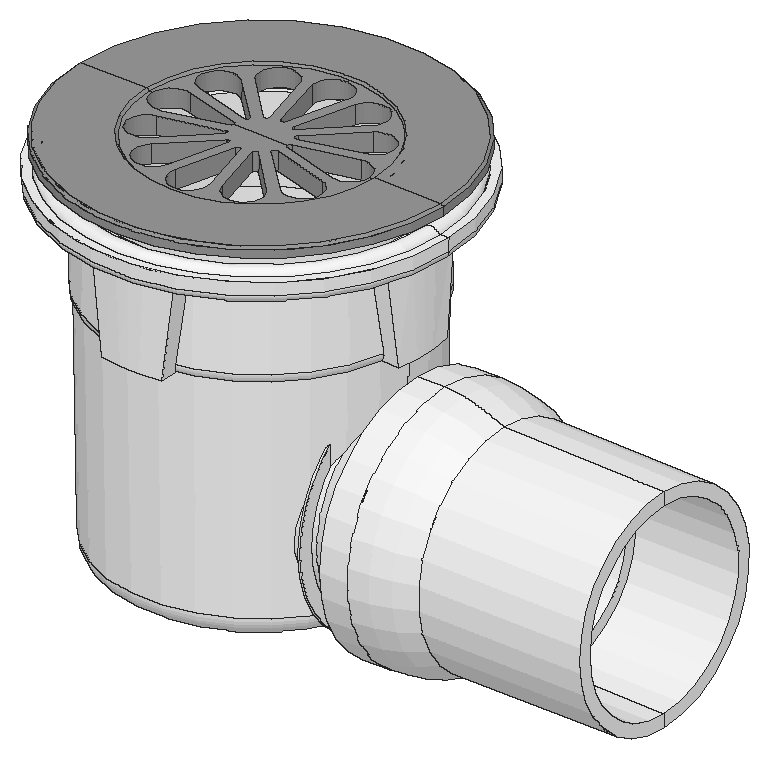
Revit family "0522.03 LRP FC HF SE50", category Plumbing Fixtures, Revit 2016
Family settings
  Part Type = Normal
  Round Connector Dimension = Use Diameter
  OmniClass Number = 23.31.27.00
  OmniClass Title = Floor Drains
  Work Plane-Based = No
  Always vertical = Yes
  Cut with Voids When Loaded = No
  Shared = No
  Room Calculation Point = No
Parameters (values of type "0522.03")
  Waste Connection = yes
  Vent Connection = no
  URL = "www.aquaknight.co.nz"
  Phone = "+6498322214"  # constant formula
  Model = "LRP FC HF SE50 – 0522.03"
  Manufacturer = "Aquanight Industries Ltd"  # constant formula
  HW Connection = no
  Email = "info@aquaknight.co.nz"  # constant formula
  Description = "DWV50 Wastetrap with chrome flat lid"
  CW Connection = no
Reference planes
  plane 1 "Center (Front/Back)": y = 0
  plane 2: z = 0
  plane 3 "Center (Left/Right)": x = 0
  plane 4: x = -12.666
  plane 5: x = -8.658
  plane 6: z = -77.913
  plane 7: x = 106.179
Forms (mm)
  Revolve 1, solid, material "Plastic, Glossy White"
    sketch origin (0, 0, 0) x (1, 0, 0) y (0, 0, 1)
      loop
        line (0, -103.328) -> (-25.107, -102.671)
        spline (-25.107, -102.671) -> (-26.971, -102.636) -> (-28.847, -102.617) -> (-30.702, -102.593) -> (-32.502, -102.544) -> (-34.215, -102.45) -> (-35.809, -102.292) -> (-37.251, -102.048) -> (-38.507, -101.699) -> (-39.546, -101.226) -> (-40.334, -100.608) -> (-40.838, -99.824) -> (-41.025, -98.856)
        line (-41.025, -98.856) -> (-42.255, -28.405) -> (-40.35, -28.405) -> (-39.919, -2.405) -> (-41.45, -2.405) -> (-41.45, 6.595) -> (-52.279, 6.595) -> (-52.279, 4.395) -> (-50.75, 3.513) -> (-46.125, 3.095)
        arc (-46.125, 3.095) -> (-44.504, 2.292) -> (-43.85, 0.606) r 2.5
        line (-43.85, 0.606) -> (-43.85, -3.399) -> (-49.924, -3.399)
        arc (-49.924, -3.399) -> (-51.565, 1.366) -> (-53.206, -3.399) r 2.665
        line (-53.206, -3.399) -> (-54.441, -3.399) -> (-54.5, 0) -> (-57, 0) -> (-56.936, -3.693)
        arc (-56.936, -3.693) -> (-56.187, -5.433) -> (-54.434, -6.149) r 2.5
        line (-54.434, -6.149) -> (-45.017, -6.149)
        spline (-45.017, -6.149) -> (-45.069, -8.251) -> (-45.119, -10.355) -> (-45.168, -12.461) -> (-45.216, -14.57) -> (-45.262, -16.68) -> (-45.306, -18.793) -> (-45.349, -20.908) -> (-45.391, -23.025) -> (-45.431, -25.143) -> (-45.469, -27.264) -> (-45.506, -29.386) -> (-45.542, -31.51)
        arc (-45.542, -31.51) -> (-45.324, -32.787) -> (-44.659, -33.899) r 3.52
        line (-44.659, -33.899) -> (-43.525, -98.899)
        spline (-43.525, -98.899) -> (-43.221, -100.675) -> (-42.455, -102.227) -> (-41.296, -103.484) -> (-39.817, -104.374) -> (-38.101, -104.811) -> (-36.258, -104.883) -> (-34.41, -104.928) -> (-32.563, -104.976) -> (-30.715, -105.025) -> (-28.868, -105.073) -> (-27.02, -105.121) -> (-25.173, -105.17)
        line (-25.173, -105.17) -> (0, -105.829) -> (0, -103.328)
      axis (0, 6.595) -> (0, -105.829)
    angle from 0 to 360
  Revolve 2, solid, material "Steel, Chrome Plated"
    sketch origin (0, 0, 0) x (1, 0, 0) y (0, 0, 1)
      loop
        line (-34, 7.988) -> (-34.6, 8.588) -> (-54.5, 8.588) -> (-55.25, 7.838) -> (-55.25, 5.588) -> (-46.4, 5.588) -> (-36.005, 6.681)
        arc (-36.005, 6.681) -> (-35.231, 6.43) -> (-34.9, 5.687) r 1
        line (-34.9, 5.687) -> (-34.9, 2.713) -> (-5.25, 2.713) -> (-5.25, 5.488) -> (0, 5.488) -> (0, 7.988) -> (-34, 7.988)
      axis (0, 8.588) -> (0, 2.713)
    angle from 0 to 360
  Revolve 3, solid, material "Plastic, Glossy White"
    sketch origin (0, 0, 0) x (1, 0, 0) y (0, 0, 1)
      loop
        line (37.644, -106.815) -> (37.717, -111.072)
        arc (37.717, -111.072) -> (38, -111.35) -> (38.283, -111.072) r 0.283
        line (38.283, -111.072) -> (38.357, -106.833) -> (39.882, -106.873)
        arc (39.882, -106.873) -> (43.546, -108.592) -> (47.393, -109.85) r 33
        line (47.393, -109.85) -> (47.393, -114.913) -> (55.689, -114.913)
        arc (55.689, -114.913) -> (64.884, -113.756) -> (73.502, -110.351) r 37
        line (73.502, -110.351) -> (122.175, -109.926) -> (122.175, -106.184) -> (91.179, -105.79) -> (91.179, -102.636) -> (86.179, -102.453) -> (86.179, -100.989) -> (79.294, -100.989)
        arc (79.294, -100.989) -> (76.835, -103.26) -> (74.159, -105.27) r 33
        line (74.159, -105.27) -> (0, -103.328) -> (0, -105.829) -> (37.644, -106.815)
      axis (122.175, -77.913) -> (0, -77.913)
    angle from 0 to 360
  SweptBlend 4, solid, material "Plastic, Glossy White", detail levels fine
    path origin (0, 0, 0) x (1, 0, 0) y (0, 0, 1)
      loop
        line (0, -6.149) -> (0, -33.899)
    profile origin (0, 0, -6.149) x (0, -1, 0) y (1, 0, 0)
      loop
        arc (48.308, -12.6) -> (49.924, 0) -> (48.308, 12.6) r 49.924
        line (48.308, 12.6) -> (43.218, 12.6)
        arc (43.218, 12.6) -> (45.017, 0) -> (43.218, -12.6) r 45.017
        line (43.218, -12.6) -> (48.308, -12.6)
    end profile origin (0, 0, -33.899) x (0, -1, 0) y (1, 0, 0)
      loop
        arc (49.088, -9.1) -> (49.924, 0) -> (49.088, 9.1) r 49.924
        line (49.088, 9.1) -> (44.088, 9.1)
        arc (44.088, 9.1) -> (45.017, 0) -> (44.088, -9.1) r 45.017
        line (44.088, -9.1) -> (49.088, -9.1)
  SweptBlend 5, solid, material "Plastic, Glossy White", detail levels fine
    path origin (0, 0, 0) x (0, -1, 0) y (0, 0, 1)
      loop
        line (0, -6.149) -> (0, -33.899)
    profile origin (0, 0, -6.149) x (-1, 0, 0) y (0, -1, 0)
      loop
        arc (48.308, -12.6) -> (49.924, 0) -> (48.308, 12.6) r 49.924
        line (48.308, 12.6) -> (43.218, 12.6)
        arc (43.218, 12.6) -> (45.017, 0) -> (43.218, -12.6) r 45.017
        line (43.218, -12.6) -> (48.308, -12.6)
    end profile origin (0, 0, -33.899) x (-1, 0, 0) y (0, -1, 0)
      loop
        arc (49.088, -9.1) -> (49.924, 0) -> (49.088, 9.1) r 49.924
        line (49.088, 9.1) -> (44.088, 9.1)
        arc (44.088, 9.1) -> (45.017, 0) -> (44.088, -9.1) r 45.017
        line (44.088, -9.1) -> (49.088, -9.1)
  SweptBlend 6, solid, material "Plastic, Glossy White", detail levels fine
    path origin (0, 0, 0) x (-1, 0, 0) y (0, 0, 1)
      loop
        line (0, -6.149) -> (0, -33.899)
    profile origin (0, 0, -6.149) x (0, 1, 0) y (-1, 0, 0)
      loop
        arc (48.308, -12.6) -> (49.924, 0) -> (48.308, 12.6) r 49.924
        line (48.308, 12.6) -> (43.218, 12.6)
        arc (43.218, 12.6) -> (45.017, 0) -> (43.218, -12.6) r 45.017
        line (43.218, -12.6) -> (48.308, -12.6)
    end profile origin (0, 0, -33.899) x (0, 1, 0) y (-1, 0, 0)
      loop
        arc (49.088, -9.1) -> (49.924, 0) -> (49.088, 9.1) r 49.924
        line (49.088, 9.1) -> (44.088, 9.1)
        arc (44.088, 9.1) -> (45.017, 0) -> (44.088, -9.1) r 45.017
        line (44.088, -9.1) -> (49.088, -9.1)
  SweptBlend 7, solid, material "Plastic, Glossy White", detail levels fine
    path origin (0, 0, 0) x (0, 1, 0) y (0, 0, 1)
      loop
        line (0, -6.149) -> (0, -33.899)
    profile origin (0, 0, -6.149) x (1, 0, 0) y (0, 1, 0)
      loop
        arc (48.308, -12.6) -> (49.924, 0) -> (48.308, 12.6) r 49.924
        line (48.308, 12.6) -> (43.218, 12.6)
        arc (43.218, 12.6) -> (45.017, 0) -> (43.218, -12.6) r 45.017
        line (43.218, -12.6) -> (48.308, -12.6)
    end profile origin (0, 0, -33.899) x (1, 0, 0) y (0, 1, 0)
      loop
        arc (49.088, -9.1) -> (49.924, 0) -> (49.088, 9.1) r 49.924
        line (49.088, 9.1) -> (44.088, 9.1)
        arc (44.088, 9.1) -> (45.017, 0) -> (44.088, -9.1) r 45.017
        line (44.088, -9.1) -> (49.088, -9.1)
  Extrusion 8, void
    sketch origin (0, 0, 4) x (0, 1, 0) y (-1, 0, 0)
      loop
        arc (25.89, -5.396) -> (32.897, 0) -> (25.89, 5.396) r 5.581
        line (25.89, 5.396) -> (8.717, 0.856)
        arc (8.717, 0.856) -> (8.058, 0) -> (8.717, -0.856) r 0.886
        line (8.717, -0.856) -> (25.89, -5.396)
      loop
        arc (25.115, 8.283) -> (28.482, 16.461) -> (19.715, 17.627) r 5.581
        line (19.715, 17.627) -> (7.119, 5.104)
        arc (7.119, 5.104) -> (6.977, 4.032) -> (7.976, 3.621) r 0.886
        line (7.976, 3.621) -> (25.115, 8.283)
      loop
        arc (17.585, 19.753) -> (16.401, 28.518) -> (8.229, 25.133) r 5.581
        line (8.229, 25.133) -> (3.604, 7.984)
        arc (3.604, 7.984) -> (4.017, 6.985) -> (5.088, 7.13) r 0.886
        line (5.088, 7.13) -> (17.585, 19.753)
      loop
        arc (5.341, 25.901) -> (-0.07, 32.897) -> (-5.451, 25.878) r 5.581
        line (-5.451, 25.878) -> (-0.875, 8.715)
        arc (-0.875, 8.715) -> (-0.017, 8.058) -> (0.838, 8.719) r 0.886
        line (0.838, 8.719) -> (5.341, 25.901)
      loop
        line (-25.89, -5.396) -> (-8.717, -0.856)
        arc (-8.717, -0.856) -> (-8.058, 0) -> (-8.717, 0.856) r 0.886
        line (-8.717, 0.856) -> (-25.89, 5.396)
        arc (-25.89, 5.396) -> (-32.897, 0) -> (-25.89, -5.396) r 5.581
      loop
        line (-25.115, 8.283) -> (-7.976, 3.621)
        arc (-7.976, 3.621) -> (-6.977, 4.032) -> (-7.119, 5.104) r 0.886
        line (-7.119, 5.104) -> (-19.715, 17.627)
        arc (-19.715, 17.627) -> (-28.482, 16.461) -> (-25.115, 8.283) r 5.581
      loop
        line (-17.585, 19.753) -> (-5.088, 7.13)
        arc (-5.088, 7.13) -> (-4.017, 6.985) -> (-3.604, 7.984) r 0.886
        line (-3.604, 7.984) -> (-8.229, 25.133)
        arc (-8.229, 25.133) -> (-16.401, 28.518) -> (-17.585, 19.753) r 5.581
      loop
        line (25.115, -8.283) -> (7.976, -3.621)
        arc (7.976, -3.621) -> (6.977, -4.032) -> (7.119, -5.104) r 0.886
        line (7.119, -5.104) -> (19.715, -17.627)
        arc (19.715, -17.627) -> (28.482, -16.461) -> (25.115, -8.283) r 5.581
      loop
        line (17.585, -19.753) -> (5.088, -7.13)
        arc (5.088, -7.13) -> (4.017, -6.985) -> (3.604, -7.984) r 0.886
        line (3.604, -7.984) -> (8.229, -25.133)
        arc (8.229, -25.133) -> (16.401, -28.518) -> (17.585, -19.753) r 5.581
      loop
        line (5.341, -25.901) -> (0.838, -8.719)
        arc (0.838, -8.719) -> (-0.017, -8.058) -> (-0.875, -8.715) r 0.886
        line (-0.875, -8.715) -> (-5.451, -25.878)
        arc (-5.451, -25.878) -> (-0.07, -32.897) -> (5.341, -25.901) r 5.581
      loop
        arc (-25.115, -8.283) -> (-28.482, -16.461) -> (-19.715, -17.627) r 5.581
        line (-19.715, -17.627) -> (-7.119, -5.104)
        arc (-7.119, -5.104) -> (-6.977, -4.032) -> (-7.976, -3.621) r 0.886
        line (-7.976, -3.621) -> (-25.115, -8.283)
      loop
        arc (-17.585, -19.753) -> (-16.401, -28.518) -> (-8.229, -25.133) r 5.581
        line (-8.229, -25.133) -> (-3.604, -7.984)
        arc (-3.604, -7.984) -> (-4.017, -6.985) -> (-5.088, -7.13) r 0.886
        line (-5.088, -7.13) -> (-17.585, -19.753)
    from -7.399 to 18.251
Cuts and joins
  Extrusion 8 cuts Revolve 2
Lines and regions (mm)
  model lines, detail levels fine
    curve 1: circle (0, 0, 7.988) r 5.25 normal (0, 0, 1)
Dimensions and locks
  locked: plane 7 to plane 3 "Center (Left/Right)" at 106.179
  locked: plane 6 to connector elem at 0
  locked: connector elem to plane 1 "Center (Front/Back)" at 0
  aligned and locked: level to plane 2
  aligned and locked: Revolve 1 sketch curve to plane 3 "Center (Left/Right)"
  aligned and locked: Revolve 2 sketch curve to plane 3 "Center (Left/Right)"
Connectors
  piping at (106.179, 0, -77.913), diameter 50
    settings: on plane 7, index 1, connector inside diameter 609.6 mm, connector length 0 mm, flow factor 0, pipe flow 0.0 L/s, pressure drop 0.0 Pa, fitting loss kfactor 0, connector angle 0.00°, fixture units 0, engagement length 0 mm, angle of deflection 0.00°, flow configuration 0, flow direction 0, fitting loss method 0, system type 28, joint type 0, gender type 0, connector reference index -1, connector utility 0, adjustable connector no, is connector primary yes, connector description ""
